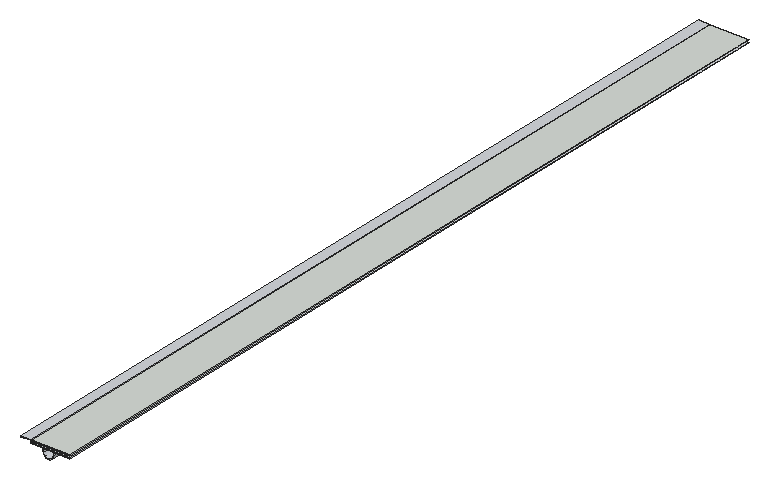
Revit family
Parameters (values of type "1.5 in Joint Opening, 3/8" Floor Material -SA 150-375")
  Optional Moisture Barrier [instance] = no
  Material & Finish value = "Aluminum ,Mill Finish"
  Material & Finish Rendering = NYSTROM-EJ-Aluminum Mill Finish
  Material & Finish = Material & Finish value  # "Aluminum ,Mill Finish"
  Length [instance] = 10' - 0"
  Joint Opening width value = 0' - 1 1/2"  # constant formula
  Joint Opening width [instance] = Joint Opening width value  # 0' - 1 1/2"
  Joint Opening Width Note [instance] = "Select the correct Type to fit the required joint opening. Refer to product literature."
  URL = "www.nystrom.com/expansion-joints/interior-floor-joint-systems/cover-plates/single-wing-sa/"
  Type Comments = ""
  Model = "SA"
  Manufacturer = "Nystrom"
  Joint Opening Length [instance] = if(Length < 1' 0", 1' 0", if(Length > 10' 0", 10' 0", Length))  # 10' - 0"
  Island finish material [instance] = NYSTROM-EJ-Aluminum Mill Finish
  Fire Rating Note [instance] = "Expansion joint covers are not fire -rated;an additional Fire Barrier assembly is required. Refer to Nystrom's Fire Barrier options to specify."
  Fire Rated [instance] = no
  Finish Thickness value = 0' - 0 3/8"
  Finish Thickness [instance] = Finish Thickness value  # 0' - 0 3/8"
  Description = "Expansion Joint Cover, Interior Floor System,Surface Mount"
  CSI Code [instance] = "07 95 13 - Expansion Joint Cover Assemblies \r\n07 95 13 - Expansion Joint Cover Assemblies \r\n07 95 13 - Expansion Joint Cover Assemblies \r\n07 95 13 - Expansion Joint Cover Assemblies \r\n"
  Assembly Code = ""
Types (3): name | Finish Thickness value | Finish Thickness
  1.5 in Joint Opening,1/8" Floor Material-SA 150-125 | 0' - 0 1/8" | 0' - 0 1/8"
  1.5 in Joint Opening,1/4" Floor Material -SA 150-250 | 0' - 0 1/4" | 0' - 0 1/4"
  1.5 in Joint Opening, 3/8" Floor Material -SA 150-375 | 0' - 0 3/8" | 0' - 0 3/8"
Reference planes (in)
  plane 1 "Center (Front/Back)": y = 0
  plane 2: z = 0
  plane 3 "Center (Left/Right)": x = -0.25
  plane 4: x = -1
  plane 5: x = 0.5
  plane 6: y = 120
  plane 7: y = 0
  plane 8: z = -0.375
  plane 9: x = -2.75
  plane 10: x = -4.25
  plane 11: x = 2.75
Forms (in)
  Sweep 1, void
    path origin (0, 0, 0) x (1, 0, 0) y (0, 1, 0)
      loop
        line (-0.25, 0) -> (-0.25, 120)
    profile origin (-0.25, 60, 0) x (-1, 0, 0) y (0, 0, 1)
      loop
        line (0.75, -0.375) -> (2.5625, -0.375) -> (2.5625, 0) -> (2.5, 0) -> (2.5, -0.3125) -> (-3, -0.3125) -> (-3, -0.375) -> (-0.75, -0.375) -> (-0.75, -3) -> (0.75, -3) -> (0.75, -0.375)
  Extrusion 2, solid
    sketch origin (0, 0, 0.71739) x (1, 0, 0) y (0, 0, 1)
      loop
        line (-0.93727, -1.46896) -> (-0.93727, -1.21896) -> (-0.99979, -1.21896) -> (-0.99979, -1.46896)
        arc (-0.99979, -1.46896) -> (-0.25, -2.20107) -> (0.49979, -1.46896) r 0.75
        line (0.49979, -1.46896) -> (0.49979, -1.21896) -> (0.43727, -1.21896) -> (0.43727, -1.46896)
        arc (0.43727, -1.46896) -> (-0.25, -2.13857) -> (-0.93727, -1.46896) r 0.6875
    from -120 to 0
  Extrusion 3, solid
    sketch origin (0, 0, -0.2875) x (1, 0, 0) y (0, 0, 1)
      loop
        line (2.75, -0.0875) -> (2.75, -0.025) -> (-2.75, -0.025) -> (-2.75, 0.35) -> (-4.25, 0.35) -> (-4.25, 0.2875) -> (-2.8125, 0.2875) -> (-2.8125, -0.0875) -> (2.75, -0.0875)
    from -120 to 0
  Sweep 4, solid, material "NYSTROM-EJ-Aluminum Mill Finish" <- "Island finish material"
    path origin (0, 0, 0) x (1, 0, 0) y (0, 1, 0)
      loop
        line (-0.25, 0) -> (-0.25, 120)
    profile origin (-0.25, 60, 0) x (-1, 0, 0) y (0, 0, 1)
      loop
        line (-3, 0.0625) -> (-3, 0) -> (2.5, 0) -> (2.5, 0.0625) -> (-3, 0.0625)
Lines and regions (in)
  sketch lines
    curve 1: line (-60.25, 60, 0) -> (59.75, 60, 0)
    curve 2: line (-60.25, 60, 0) -> (-60.25, -60, 0)
    curve 3: line (-60.25, -60, 0) -> (59.75, -60, 0)
    curve 4: line (59.75, 60, 0) -> (59.75, -60, 0)
Dimensions and locks (in)
  equal spacing: curve 3, plane 1 "Center (Front/Back)", curve 1
  equal spacing: curve 4, plane 3 "Center (Left/Right)", curve 2
  curve 3 to curve 1 = 10' - 0"
  curve 2 to curve 4 = 10' - 0"
  equal spacing: plane 4, plane 3 "Center (Left/Right)", plane 5
  plane 4 to plane 5 = 0' - 1 1/2"
  "Joint Opening Length": plane 6 to plane 7
  plane 3 "Center (Left/Right)" to Extrusion 3 = 0' - 3"
  "Finish Thickness": plane 8 to level
  locked: Extrusion 3 sketch curve to Extrusion 3 sketch curve at 0.0625  (x2)
  locked: Sweep 1 sketch curve to Sweep 1 sketch curve at 0.0625
  locked: Extrusion 2 sketch curve to plane 8 at 0.12656
  locked: Extrusion 2 sketch curve to Extrusion 2 sketch curve at 0.25
  radius of Extrusion 2 sketch curve = 0' - 0 11/16"
  aligned and locked: plane 6 to Sweep 1 sketch curve
  aligned and locked: plane 7 to Sweep 1 sketch curve
  aligned and locked: Sweep 1 sketch curve to plane 4
  aligned and locked: plane 5 to Sweep 1 sketch curve
  aligned and locked: host floor to Sweep 1 sketch curve
  aligned and locked: plane 7 to plane 1 "Center (Front/Back)"
  aligned and locked: Extrusion 2 to plane 6
  aligned and locked: Extrusion 2 to plane 7
  aligned and locked: plane 6 to Sweep 4 sketch curve
  aligned and locked: plane 7 to Sweep 4 sketch curve
  aligned and locked: plane 8 to Sweep 1 sketch curve  (x2)
  aligned and locked: Extrusion 3 sketch curve to plane 10
  aligned and locked: Extrusion 3 sketch curve to plane 9
  aligned and locked: plane 11 to Extrusion 3 sketch curve
  aligned and locked: plane 9 to Sweep 1 sketch curve
  aligned and locked: Sweep 1 sketch curve to Extrusion 3
  aligned and locked: plane 11 to Sweep 4 sketch curve
  aligned and locked: plane 9 to Sweep 4 sketch curve
Automatic sketch dimensions
  Sweep 1 sketch curve to plane 3 "Center (Left/Right)" = 0' - 0"
  Extrusion 2 sketch curve to Extrusion 2 sketch curve = 0' - 0"  (x3)
  Extrusion 2 sketch curve to plane 3 "Center (Left/Right)" = 0' - 0"
  plane 5 to Extrusion 2 sketch curve = 0' - 0.00021"
  Extrusion 2 sketch curve to Extrusion 2 sketch curve = 0' - 0.01789"
  Extrusion 2 sketch curve to Extrusion 2 sketch curve = 0' - 0 1/16"
  Extrusion 2 sketch curve to Extrusion 2 sketch curve = 0' - 0 1/4"
  plane 4 to Extrusion 2 sketch curve = 0' - 0.00021"
  Sweep 4 sketch curve to plane 3 "Center (Left/Right)" = 0' - 0"
  Sweep 4 sketch curve to level = 0' - 0"
  level to Sweep 4 sketch curve = 0' - 0 1/16"
  Sweep 1 sketch curve to level = 0' - 0"
  Sweep 1 sketch curve to Sweep 1 sketch curve = 0' - 0 1/16"
  Extrusion 3 sketch curve to level = 0' - 0"
  Extrusion 3 sketch curve to plane 8 = 0' - 0"
  Extrusion 3 sketch curve to Extrusion 3 sketch curve = 0' - 0 1/16"
